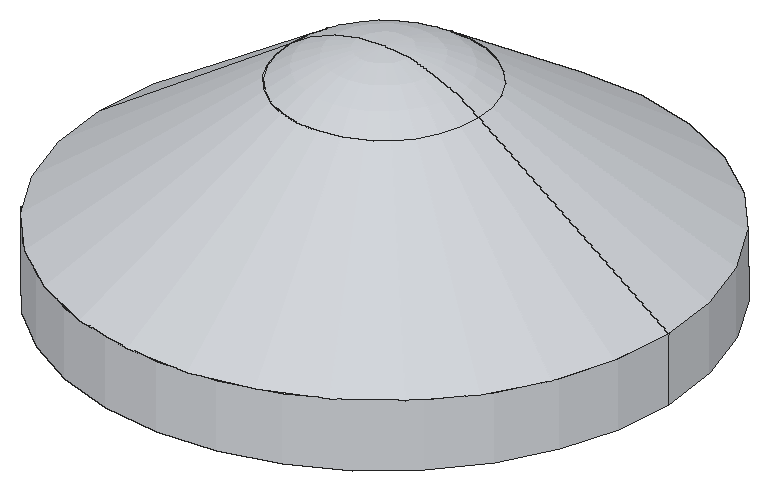
Revit family "553db10bc60c43e08965402895b2436b", category Lighting Devices, host Face, Revit 2021
Family settings
  Host = Face
  Maintain Annotation Orientation = Yes
  Round Connector Dimension = Use Diameter
  Part Type = Switch
  OmniClass Number = 23.85.80.11.27
  OmniClass Title = Lighting Controls
  Seek Item ID = Ceiling Occupancy Sensor - Dual Relay - Regular Voltage-0000-USA-ENU
  Cut with Voids When Loaded = No
  Shared = No
  Room Calculation Point = No
Parameters (values of type "120 V")
  Sensor Voltage = 120 V
  Sensor Number of Poles = 1
  Load Classification = Other
  Lens Material = none
  Height 1 = 1 / 3 * Cover Height  # 0' - 0 1/2"
  Default Elevation = 4' - 0"
  Cover Radius = 0' - 2 1/4"
  Cover Material = none
  Cover Height = 0' - 1 1/2"
  Cover Diameter = Cover Radius * 2  # 0' - 4 1/2"
  Apparent Load = 0 VA
Types (3): name | Sensor Voltage
  (no name) | 120 V
  120 V | 120 V
  277 V | 277 V
Reference planes (in)
  plane 1 "Center (Front/Back)": y = 0
  plane 2: z = 0
  plane 3 "Center (Left/Right)": x = 0
  plane 4: z = 0.5
  plane 5: z = 1.5
  plane 6: z = 1.75
  plane 7: x = -2.25
  plane 8: x = 2.25
  plane 9: x = -0.75
  plane 10: x = 0.75
Forms (in)
  Revolve 1, solid, material <- "Cover Material"
    sketch origin (0, 0, 0) x (1, 0, 0) y (0, 0, 1)
      loop
        line (-2.25, 0.5) -> (-2.25, 0) -> (0, 0) -> (0, 1.5) -> (-0.75, 1.5) -> (-2.25, 0.5)
      axis (0, 1.5) -> (0, 0)
    angle from 0 to 360
  Revolve 2, solid, material <- "Lens Material"
    sketch origin (0, 0, 0) x (1, 0, 0) y (0, 0, 1)
      loop
        arc (0.75, 1.5) -> (0.39528, 1.68585) -> (0, 1.75) r 1.25
        line (0, 1.75) -> (0, 1.5) -> (0.75, 1.5)
      axis (0, 1.75) -> (0, 1.5)
    angle from 0 to 360
Lines and regions (in)
  symbolic lines, detail levels coarse+medium
    curve 1: line (-2.25, 0, 0) -> (0, -2.25, 0)
    curve 2: line (0, -2.25, 0) -> (2.25, 0, 0)
    curve 3: line (-2.25, 0, 0) -> (0, 2.25, 0)
    curve 4: line (0, 2.25, 0) -> (2.25, 0, 0)
  symbolic lines, detail levels fine
    curve 5: circle (0, 0, 0) r 2.25 normal (0, 0, 1)
    curve 6: circle (0, 0, 0) r 0.75 normal (0, 0, 1)
Dimensions and locks (in)
  "Height 1": plane 4 to plane 2
  "Cover Height": plane 5 to plane 2
  locked: plane 6 to plane 5 at 0.25
  "Cover Diameter": plane 8 to plane 7
  equal spacing: plane 8, plane 3 "Center (Left/Right)", plane 7
  plane 10 to plane 3 "Center (Left/Right)" to plane 9 = 0' - 0 3/4" locked, 0' - 0 3/4" locked
  "Cover Radius": radius of curve 5
  radius of curve 6 = 0' - 0 3/4"
  aligned and locked: plane 2 to host face
  aligned and locked: level to host face
  aligned and locked: Revolve 1 sketch curve to plane 3 "Center (Left/Right)"
  aligned and locked: Revolve 1 sketch curve to plane 7
  aligned and locked: Revolve 1 sketch curve to plane 2
  aligned and locked: plane 5 to Revolve 1 sketch curve
  aligned and locked: plane 4 to Revolve 1 sketch curve
  aligned and locked: plane 9 to Revolve 1 sketch curve
  aligned and locked: plane 6 to Revolve 2 sketch curve
  aligned and locked: Revolve 2 sketch curve to Revolve 2 sketch curve
  aligned and locked: Revolve 2 sketch curve to plane 3 "Center (Left/Right)"  (x2)
  aligned and locked: plane 5 to Revolve 2 sketch curve
  aligned and locked: plane 4 to Revolve 2 sketch curve
  aligned and locked: plane 3 "Center (Left/Right)" to Revolve 2 sketch curve
  aligned and locked: plane 3 "Center (Left/Right)" to Revolve 1 sketch curve
  aligned and locked: plane 1 "Center (Front/Back)" to nested 1
  aligned and locked: plane 3 "Center (Left/Right)" to nested 1
  aligned and locked: plane 1 "Center (Front/Back)" to curve 6
  aligned and locked: plane 1 "Center (Front/Back)" to curve 5
  aligned and locked: plane 3 "Center (Left/Right)" to curve 6
  aligned and locked: plane 3 "Center (Left/Right)" to curve 5
Automatic sketch dimensions
  host sketch curve to host sketch curve = 8' - 0"  (x2)
  Revolve 1 sketch curve to level = 0' - 0"
  Revolve 1 sketch curve to plane 5 = 0' - 0"
  Revolve 2 sketch curve to plane 10 = 0' - 0"
  curve 2 to plane 3 "Center (Left/Right)" = 0' - 0"
  curve 1 to plane 1 "Center (Front/Back)" = 0' - 0"
Nested families (in)
  nested 1: "Label Annotation 3-32" at (0, 0, 0), type "Label Annotation 3-32", detail levels coarse+medium
Connectors (in)
  electrical at (0, 0, 0), driven by "Apparent Load", driven by "Sensor Voltage", driven by "Sensor Number of Poles", driven by "Load Classification"
    settings: on Revolve 1, index 1, voltage 120 V, apparent load 0 VA, apparent load phase1 0 VA, apparent load phase2 0 VA, apparent load phase3 0 VA, power factor 1, load classification "Other", number of poles 1, system type 31, power factor state 1, is connector primary yes, connector utility no, sub classification motor no, connector description ""
  electrical at (0, 0, 1.5)
    settings: on Revolve 2, index 2, voltage 0 V, apparent load 0 VA, apparent load phase1 0 VA, apparent load phase2 0 VA, apparent load phase3 0 VA, power factor 1, load classification "Other", number of poles 1, system type 13, power factor state 1, is connector primary no, connector utility no, sub classification motor no, connector description ""
Definition of nested family "Label Annotation 3-32"
  Parameters
    Label = ""
  Reference planes (in)
    plane 1: y = 0
    plane 2: x = 0
  Text (in)
    label "Label" at (0.00375, -0.00345, 0), shows "Label"
